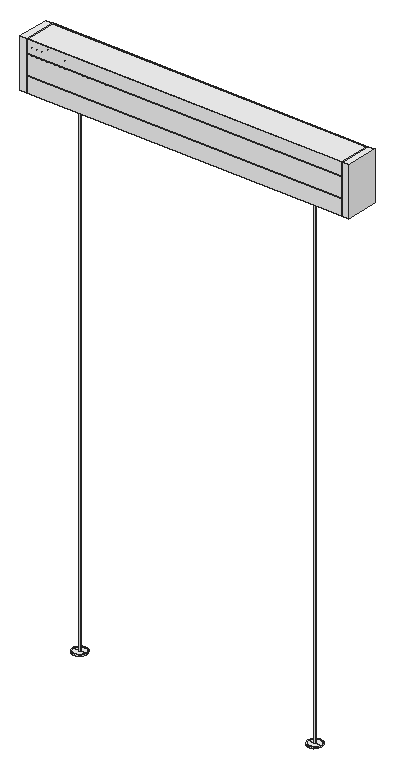
Revit family "2.3 inch  MAGIC WALL WASH LINEAR LIGHT", category Lighting Fixtures, host Face, Revit 2020 (continued)
Types (17): name | Wattage Comments | Wattage | Wall Mount | Suspenders Distance | Surface Mount | Recessed Mount | Photometric Web File | Pendent Mount | Order number | built-in parameter 1150142 | Model | built-in parameter 1150105 | Lumens | Light Source Height | Light Source Distance | built-in parameter 1150106 | Fixture Length
       781.82   757.25   732.78   708.56   684.73   \r\n 661.76   639.07   616.75   594.82   573.15   552.07   531.44   511.12   490.86   470.89   \r\n 451.24   432.56   414.20   396.28   378.47   360.98   343.80   327.24   310.99   295.04   \r\n 279.45   264.17   249.15   234.40   220.03   205.93   192.09   178.53   165.72   154.04   \r\n 142.54   131.22   120.10   109.16   98.37    87.74    77.25    66.89    56.69    46.60    \r\n 39.48    35.65    31.90    28.23    24.62    21.07    17.57    14.10    10.66    7.24     \r\n 3.83     3.65     3.47     3.28     3.10     2.92     2.73     2.55     2.36     2.18     \r\n 1.99     1.85     1.74     1.64     1.54     1.44     1.34     1.24     1.14     1.04     \r\n 0.94     0.85     0.75     0.70     0.68     0.66     0.64     0.63     0.62     0.61     \r\n 0.61     0.61     0.61     0.62     0.62     0.63     0.65     0.66     0.67     0.68     \r\n 0.69     0.70     0.71     0.72     0.73     0.74     0.75     0.77     0.78     0.79     \r\n 0.80     0.81     0.83     0.84     0.86     0.87     0.88     0.89     0.90     0.92     \r\n 0.94     0.96     0.97     0.98     0.99     1.02     1.04     1.05     1.06     1.07     \r\n 1.09     1.10     1.12     1.14     1.16     1.17     1.19     1.20     1.22     1.24     \r\n 1.26     1.28     1.29     1.31     1.33     1.35     1.37     1.39     1.41     1.43     \r\n 1.45     1.47     1.49     1.51     1.53     1.55     1.57     1.59     1.61     1.64     \r\n 1.66     1.68     1.70     1.72     1.74     1.76     1.78     1.80     1.82     1.85     \r\n 1.87     1.89     1.91     1.94     1.96     1.99     2.01     2.04     2.07     2.09     \r\n 2.11     2.14     2.17     2.20     2.22     2.25     2.27     2.30     2.33     2.35     \r\n 2.38     2.41     2.44     2.47     2.50     2.53     2.56     2.59     2.62     2.66     \r\n 2.69     2.72     2.74     2.77     2.81     2.84     2.87     2.90     2.93     2.97     \r\n 3.00     3.03     3.07     3.10     3.13     3.16     3.20     3.24     3.27     3.31     \r\n 3.34     3.38     3.41     3.45     3.48     3.52     3.55     3.59     3.62     3.66     \r\n 3.70     3.73     3.77     3.80     3.84     3.87     3.90     3.94     3.97     4.00     \r\n 4.26     \r\n1793.11  1805.46  1817.74  1829.18  1840.41  1851.21  1861.71  1871.88  1881.49  1890.95  \r\n 1899.86  1908.75  1917.54  1926.29  1934.60  1942.73  1950.49  1957.96  1965.24  1972.20  \r\n 1979.08  1985.31  1991.49  1997.49  2003.45  2009.12  2014.64  2019.69  2024.26  2028.85  \r\n 2033.48  2038.07  2041.94  2045.79  2049.14  2052.38  2055.30  2057.96  2060.35  2062.26  \r\n 2064.20  2066.85  2069.50  2070.82  2071.93  2072.43  2072.63  2072.60  2072.22  2071.63  \r\n 2070.20  2068.72  2067.00  2065.18  2062.96  2060.58  2058.00  2055.16  2051.96  2046.85  \r\n 2041.67  2036.80  2031.90  2025.95  2019.29  2011.73  2001.72  1991.56  1979.75  1967.87  \r\n 1955.40  1942.68  1929.69  1916.42  1903.04  1889.03  1874.91  1859.78  1844.34  1828.41  \r\n 1811.97  1795.37  1778.05  1760.63  1742.43  1724.05  1705.15  1685.50  1665.77  1645.47  \r\n 1625.18  1604.78  1584.25  1563.38  1541.61  1519.85  1497.39  1474.80  1452.28  1429.88  \r\n 1407.49  1384.81  1362.13  1339.01  1315.32  1291.65  1268.02  1244.45  1219.14  1191.38  \r\n 1163.83  1136.86  1110.12  1083.52  1057.14  1030.95  1004.41  977.74   951.31   925.63   \r\n 900.25   875.03   849.64   824.50   800.04   776.40   753.01   729.43   705.81   682.47   \r\n 659.78   637.56   615.64   593.86   572.24   551.26   531.05   511.40   491.99   472.79   \r\n 453.73   434.93   416.38   398.09   380.05   362.28   344.89   328.07   311.48   295.14   \r\n 279.00   263.04   247.33   232.80   219.74   206.97   194.37   181.92   169.63   157.48   \r\n 145.49   133.62   121.89   110.28   98.78    87.39    76.12    64.94    59.43    54.47    \r\n 49.59    44.78    40.04    35.36    30.72    26.14    21.59    17.07    12.57    8.09     \r\n 3.61     3.45     3.28     3.12     2.95     2.78     2.62     2.45     2.28     2.12     \r\n 1.95     1.78     1.61     1.45     1.37     1.30     1.22     1.15     1.08     1.01     \r\n 0.95     0.88     0.82     0.77     0.71     0.66     0.61     0.56     0.55     0.56     \r\n 0.57     0.58     0.59     0.60     0.61     0.63     0.64     0.65     0.67     0.69     \r\n 0.70     0.72     0.74     0.75     0.77     0.78     0.80     0.81     0.82     0.83     \r\n 0.85     0.86     0.87     0.89     0.90     0.91     0.92     0.93     0.95     0.96     \r\n 0.98     0.99     1.00     1.01     1.02     1.04     1.05     1.07     1.09     1.10     \r\n 1.12     1.13     1.15     1.16     1.18     1.20     1.21     1.23     1.25     1.27     \r\n 1.29     1.30     1.32     1.34     1.36     1.38     1.40     1.41     1.43     1.46     \r\n 1.48     1.49     1.51     1.53     1.55     1.57     1.59     1.62     1.64     1.66     \r\n 1.68     1.70     1.72     1.74     1.77     1.79     1.81     1.84     1.86     1.89     \r\n 1.92     1.94     1.97     2.00     2.03     2.06     2.09     2.11     2.13     2.16     \r\n 2.19     2.21     2.23     2.26     2.28     2.31     2.33     2.36     2.39     2.42     \r\n 2.44     2.47     2.50     2.52     2.55     2.58     2.61     2.65     2.68     2.71     \r\n 2.73     2.76     2.79     2.82     2.85     2.88     2.91     2.94     2.97     3.01     \r\n 3.04     3.07     3.10     3.13     3.16     3.20     3.23     3.27     3.30     3.33     \r\n 3.37     3.40     3.43     3.47     3.50     3.54     3.57     3.60     3.64     3.67     \r\n 3.71     3.74     3.78     3.81     3.84     3.88     3.91     3.94     3.97     4.00     \r\n 4.26     \r\n1793.11  1804.77  1816.34  1827.20  1837.76  1848.05  1857.92  1867.72  1876.71  1885.65  \r\n 1894.12  1902.42  1910.67  1918.81  1926.85  1934.37  1941.81  1948.81  1955.69  1962.34  \r\n 1968.79  1975.11  1980.73  1986.30  1991.75  1997.17  2002.32  2007.24  2011.95  2016.06  \r\n 2020.16  2024.30  2028.44  2032.15  2035.51  2038.74  2041.61  2044.48  2046.70  2048.77  \r\n 2050.41  2051.65  2053.02  2055.28  2057.55  2058.39  2058.89  2059.07  2058.93  2058.71  \r\n 2057.89  2057.03  2055.39  2053.45  2051.31  2048.84  2046.27  2041.44  2035.21  2028.60  \r\n 2021.67  2014.27  2005.22  1996.14  1987.14  1978.10  1968.52  1958.01  1947.45  1936.58  \r\n 1925.60  1913.84  1901.24  1888.54  1875.19  1861.77  1848.22  1834.58  1820.84  1805.93  \r\n 1790.90  1775.28  1759.20  1743.00  1726.14  1709.22  1691.76  1673.77  1655.68  1637.49  \r\n 1619.32  1600.54  1580.72  1560.85  1540.93  1521.02  1501.02  1480.41  1459.74  1435.23  \r\n 1409.55  1383.93  1357.82  1331.69  1305.68  1279.94  1254.29  1228.68  1203.01  1177.46  \r\n 1151.65  1125.65  1099.82  1074.11  1048.53  1023.10  997.66   972.37   947.31   922.33   \r\n 897.47   872.77   848.52   824.57   800.81   776.98   753.20   729.70   706.97   684.89   \r\n 663.04   641.43   619.56   597.97   576.65   555.92   535.71   515.73   495.98   476.30   \r\n 456.86   437.70   418.82   400.24   381.89   363.76   345.85   328.28   311.56   297.11   \r\n 282.80   268.65   254.59   240.67   226.92   213.32   199.87   186.55   173.35   160.30   \r\n 147.38   134.60   121.94   109.40   96.98    86.35    80.55    74.80    69.10    63.45    \r\n 57.84    52.28    46.76    41.27    35.81    30.37    24.96    19.56    14.17    8.80     \r\n 3.43     3.27     3.12     2.96     2.81     2.65     2.49     2.34     2.18     2.02     \r\n 1.87     1.71     1.55     1.40     1.24     1.08     1.01     0.97     0.94     0.90     \r\n 0.87     0.84     0.81     0.78     0.76     0.73     0.70     0.68     0.66     0.64     \r\n 0.62     0.61     0.59     0.60     0.61     0.63     0.64     0.65     0.67     0.69     \r\n 0.70     0.72     0.73     0.75     0.77     0.79     0.80     0.82     0.84     0.85     \r\n 0.87     0.89     0.91     0.93     0.94     0.95     0.96     0.97     0.99     1.00     \r\n 1.01     1.02     1.04     1.05     1.06     1.08     1.09     1.11     1.12     1.14     \r\n 1.15     1.17     1.19     1.20     1.22     1.23     1.25     1.27     1.29     1.32     \r\n 1.33     1.34     1.36     1.39     1.41     1.42     1.44     1.45     1.47     1.49     \r\n 1.51     1.53     1.55     1.57     1.60     1.62     1.63     1.65     1.67     1.69     \r\n 1.72     1.74     1.76     1.78     1.81     1.83     1.85     1.88     1.90     1.93     \r\n 1.96     1.99     2.02     2.04     2.07     2.10     2.13     2.16     2.18     2.21     \r\n 2.24     2.27     2.30     2.33     2.35     2.38     2.41     2.43     2.46     2.48     \r\n 2.51     2.53     2.56     2.59     2.62     2.65     2.68     2.70     2.73     2.76     \r\n 2.79     2.81     2.84     2.87     2.90     2.93     2.96     2.99     3.02     3.05     \r\n 3.08     3.11     3.14     3.17     3.20     3.24     3.27     3.30     3.33     3.37     \r\n 3.40     3.43     3.46     3.49     3.53     3.56     3.59     3.62     3.66     3.69     \r\n 3.72     3.76     3.79     3.82     3.85     3.88     3.91     3.95     3.97     4.00     \r\n 4.26     \r\n1793.11  1803.98  1814.76  1824.98  1834.80  1844.52  1853.68  1862.83  1871.41  1879.67  \r\n 1887.75  1895.42  1903.06  1910.58  1918.03  1925.26  1932.05  1938.77  1945.08  1951.32  \r\n 1957.40  1963.30  1969.21  1974.22  1979.15  1984.02  1988.85  1993.62  1997.92  2002.17  \r\n 2006.03  2009.63  2013.23  2016.86  2020.47  2023.58  2026.42  2029.17  2031.63  2034.10  \r\n 2035.96  2037.47  2038.77  2039.37  2039.88  2041.27  2043.13  2044.68  2044.62  2044.49  \r\n 2044.13  2040.02  2035.47  2030.23  2024.92  2019.06  2012.78  2006.45  1999.66  1992.82  \r\n 1985.83  1978.62  1971.31  1963.38  1955.25  1946.63  1937.04  1927.43  1917.67  1907.77  \r\n 1897.73  1886.65  1875.51  1864.13  1852.41  1840.59  1827.71  1814.45  1801.08  1787.20  \r\n 1773.26  1759.32  1745.46  1731.59  1716.59  1700.91  1685.11  1668.69  1652.13  1635.45  \r\n 1618.36  1598.01  1575.41  1552.12  1528.86  1505.82  1483.01  1460.18  1436.49  1412.09  \r\n 1387.72  1363.47  1339.29  1315.14  1290.73  1266.21  1241.75  1217.09  1192.30  1167.57  \r\n 1142.80  1117.99  1093.29  1068.74  1044.39  1020.15  996.02   971.87   947.83   923.92   \r\n 899.98   875.94   852.01   828.28   804.64   781.24   758.06   735.15   712.50   690.08   \r\n 667.87   645.78   623.91   602.30   580.95   559.86   538.99   518.32   497.84   477.62   \r\n 457.67   437.96   418.48   399.23   382.18   366.40   350.77   335.29   319.95   304.67   \r\n 289.50   274.49   259.61   244.89   230.30   215.90   201.64   187.49   173.45   159.51   \r\n 145.66   131.91   118.24   108.01   101.58   95.19    88.85    82.55    76.29    70.06    \r\n 63.88    57.72    51.59    45.49    39.41    33.35    27.30    21.27    15.25    9.23     \r\n 3.22     3.07     2.93     2.79     2.65     2.51     2.36     2.22     2.08     1.93     \r\n 1.79     1.65     1.51     1.36     1.22     1.08     0.94     0.80     0.72     0.71     \r\n 0.70     0.69     0.68     0.67     0.66     0.65     0.64     0.64     0.64     0.64     \r\n 0.64     0.64     0.64     0.64     0.65     0.65     0.66     0.67     0.68     0.70     \r\n 0.71     0.72     0.74     0.76     0.77     0.79     0.81     0.82     0.84     0.86     \r\n 0.88     0.90     0.91     0.93     0.95     0.97     0.99     1.00     1.02     1.04     \r\n 1.06     1.07     1.08     1.09     1.11     1.12     1.14     1.16     1.17     1.19     \r\n 1.21     1.22     1.24     1.25     1.27     1.29     1.30     1.32     1.34     1.35     \r\n 1.37     1.39     1.41     1.43     1.45     1.46     1.49     1.51     1.54     1.55     \r\n 1.57     1.58     1.60     1.62     1.65     1.66     1.68     1.70     1.72     1.75     \r\n 1.77     1.79     1.81     1.83     1.86     1.89     1.92     1.95     1.97     1.99     \r\n 2.01     2.04     2.07     2.09     2.12     2.15     2.17     2.20     2.23     2.26     \r\n 2.28     2.31     2.35     2.38     2.41     2.44     2.47     2.50     2.53     2.56     \r\n 2.59     2.61     2.64     2.66     2.69     2.72     2.74     2.77     2.80     2.83     \r\n 2.85     2.88     2.91     2.93     2.96     2.99     3.02     3.05     3.07     3.10     \r\n 3.13     3.16     3.19     3.22     3.25     3.28     3.31     3.34     3.37     3.40     \r\n 3.43     3.46     3.49     3.53     3.56     3.59     3.62     3.65     3.68     3.71     \r\n 3.74     3.77     3.80     3.83     3.86     3.89     3.92     3.95     3.98     4.00     \r\n 4.26     \r\n1793.11  1803.12  1813.02  1822.53  1831.53  1840.51  1849.02  1857.39  1865.62  1873.15  \r\n 1880.61  1887.78  1894.73  1901.65  1908.41  1915.12  1921.60  1927.64  1933.59  1939.28  \r\n 1944.84  1950.35  1955.65  1960.96  1965.84  1970.12  1974.32  1978.53  1982.72  1986.80  \r\n 1990.43  1993.99  1997.30  2000.37  2003.43  2006.51  2009.56  2012.47  2014.77  2017.03  \r\n 2019.17  2021.21  2023.26  2024.41  2025.31  2026.04  2022.78  2018.34  2014.51  2011.51  \r\n 2008.44  2004.10  1999.20  1994.27  1989.03  1983.72  1978.21  1972.08  1965.89  1959.33  \r\n 1952.37  1945.37  1938.03  1930.48  1922.88  1914.83  1906.61  1898.28  1889.18  1879.97  \r\n 1870.51  1860.48  1850.43  1840.21  1829.59  1818.89  1807.81  1796.24  1784.62  1772.65  \r\n 1760.27  1747.80  1734.70  1721.00  1706.45  1686.89  1667.09  1647.23  1627.44  1607.72  \r\n 1587.90  1567.44  1546.05  1524.65  1503.09  1480.96  1458.78  1436.55  1414.29  1392.03  \r\n 1369.76  1347.06  1324.26  1301.50  1278.80  1256.13  1233.46  1210.74  1187.01  1163.32  \r\n 1139.67  1116.10  1092.61  1069.16  1045.75  1021.78  997.37   973.10   948.93   924.66   \r\n 900.59   876.70   852.99   829.45   806.09   782.91   759.92   737.11   714.48   692.01   \r\n 669.70   647.56   625.58   603.77   582.13   560.62   539.13   517.81   496.64   475.64   \r\n 457.48   440.54   423.73   407.06   390.53   374.13   357.86   341.73   325.71   309.80   \r\n 294.01   278.32   262.75   247.30   231.94   216.67   201.49   186.38   171.35   156.39   \r\n 141.50   130.93   123.95   117.00   110.09   103.22   96.39    89.58    82.80    76.05    \r\n 69.33    62.63    55.95    49.29    42.64    36.01    29.39    22.78    16.17    9.57     \r\n 2.97     2.85     2.72     2.59     2.46     2.34     2.21     2.08     1.95     1.82     \r\n 1.70     1.57     1.44     1.32     1.19     1.07     0.94     0.82     0.70     0.57     \r\n 0.51     0.52     0.53     0.54     0.55     0.55     0.56     0.57     0.58     0.60     \r\n 0.61     0.62     0.63     0.65     0.66     0.67     0.68     0.70     0.71     0.72     \r\n 0.73     0.74     0.76     0.78     0.79     0.81     0.83     0.84     0.86     0.87     \r\n 0.89     0.91     0.93     0.95     0.97     0.99     1.01     1.03     1.05     1.07     \r\n 1.08     1.10     1.12     1.14     1.16     1.18     1.20     1.21     1.23     1.25     \r\n 1.26     1.28     1.29     1.31     1.32     1.34     1.36     1.38     1.40     1.41     \r\n 1.43     1.45     1.46     1.48     1.50     1.52     1.54     1.56     1.58     1.60     \r\n 1.62     1.64     1.66     1.69     1.70     1.72     1.74     1.77     1.79     1.82     \r\n 1.85     1.88     1.90     1.91     1.93     1.95     1.98     2.00     2.03     2.06     \r\n 2.08     2.11     2.13     2.16     2.18     2.21     2.24     2.27     2.29     2.32     \r\n 2.35     2.38     2.41     2.44     2.46     2.49     2.52     2.55     2.58     2.61     \r\n 2.64     2.67     2.71     2.74     2.77     2.80     2.83     2.85     2.88     2.90     \r\n 2.92     2.95     2.98     3.00     3.03     3.06     3.08     3.11     3.13     3.16     \r\n 3.19     3.22     3.25     3.27     3.30     3.33     3.36     3.39     3.41     3.44     \r\n 3.47     3.50     3.53     3.56     3.59     3.61     3.64     3.67     3.70     3.73     \r\n 3.76     3.79     3.82     3.84     3.87     3.90     3.93     3.96     3.98     4.00     \r\n 4.26     \r\n1793.11  1802.18  1811.14  1819.88  1828.00  1836.09  1843.99  1851.52  1859.04  1866.15  \r\n 1872.83  1879.46  1885.78  1891.95  1898.11  1904.10  1910.02  1915.89  1921.15  1926.32  \r\n 1931.38  1936.23  1941.05  1945.79  1950.45  1955.12  1959.32  1962.87  1966.35  1969.86  \r\n 1973.39  1976.88  1979.99  1982.88  1985.70  1988.28  1990.79  1993.29  1995.78  199
